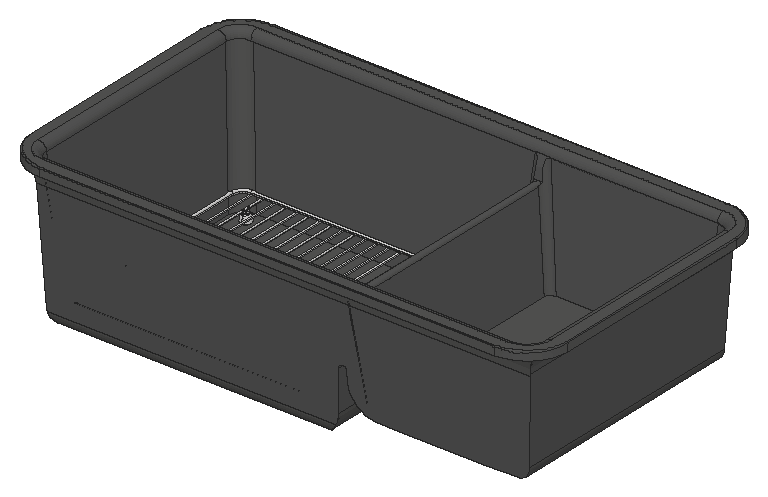
Revit family "Sink-Kitchen-KOHLER-Cairn-K-8204", category Plumbing Fixtures, host Face, Revit 2015
Parameters (values of type "CM1-Neoroc Matte Black")
  Width = 18 5/16"  # constant formula
  Waste Water Outlet 2 = "Waste Water Outlet 2"  # constant formula
  Waste Water Outlet 1 = "Waste Water Outlet 1"  # constant formula
  Waste Connection = 1 = 1  # yes
  Vent Connection = 0 = 1  # no
  URL = "https://www.us.kohler.com/us/"
  Type = 1
  Product Page URL = "http://www.us.kohler.com/us/catalog/productDetails.jsp?productNumber=8204"
  Product Name = "Cairn"  # constant formula
  Product Documentation Link = "http://www.us.kohler.com/onlinecatalog/pdf/K-8204_spec.pdf"
  Model = if(Type = 1, "K-8204-CM1", if(Type = 2, "K-8204-CM2", if(Type = 3, "K-8204-CM3", if(Type = 4, "K-8204-CM4", "NA"))))  # "K-8204-CM1"
  Material = "Neoroc Material"  # constant formula
  MasterFormat 2004 = "22.41.16"  # constant formula
  MasterFormat 1995 = "15410"  # constant formula
  Manufacturer Address = "444 Highland Dr, Kohler, WI 53044"  # constant formula
  Manufacturer = "KOHLER Co."  # constant formula
  Length = 33 1/2"  # constant formula
  Hot Water Inlet = "Hot Water Inlet"  # constant formula
  Height = 10 1/8"  # constant formula
  HW Connection = 0 = 1  # no
  Finish = Kohler-Neoroc-CM1-Matte_Black
  Environmental Product Declaration = ""
  Drain Included = 0 = 1  # no
  Description = "33-1/2 inch x 18-5/16 inch x 9-1/2 inch Neoroc under-mount large/medium double-bowl kitchen sink with sink rack"  # constant formula
  Default Elevation = 36"
  Declare Label = ""
  Date Modified = "04/25/2018"  # constant formula
  Date Created = "04/25/2018"  # constant formula
  Copyright = "Copyright KOHLER Co."  # constant formula
  Contact Us = "https://www.us.kohler.com/us/static/contact.jsp"
  Cold Water Inlet = "Cold Water Inlet"  # constant formula
  CW Connection = 0 = 1  # no
  Assembly Code = "D2010400"
  ADA Compliant = 1 = 0  # no
Reference planes (in)
  plane 1 "Center (Front/Back)": y = 0
  plane 2: z = 0
  plane 3 "Center (Left/Right)": x = 0
  plane 4: y = 9.15
  plane 5: y = -9.1625
  plane 6: x = 16.75
  plane 7: x = -16.75
  plane 8: z = -1.01111
  plane 9: z = -11.13611
  plane 10: z = -13.64717
Forms (in)
  Extrusion 1, void
    sketch origin (0, 0, 0) x (1, 0, 0) y (0, 1, 0)
      loop
        arc (-14.19488, 9.15) -> (-16.00162, 8.40162) -> (-16.75, 6.59488) r 2.55512
        line (-16.75, 6.59488) -> (-16.75, -6.60781)
        arc (-16.75, -6.60781) -> (-16.00175, -8.41425) -> (-14.19531, -9.1625) r 2.55469
        line (-14.19531, -9.1625) -> (14.19531, -9.1625)
        arc (14.19531, -9.1625) -> (16.00175, -8.41425) -> (16.75, -6.60781) r 2.55469
        line (16.75, -6.60781) -> (16.75, 6.59531)
        arc (16.75, 6.59531) -> (16.00175, 8.40175) -> (14.19531, 9.15) r 2.55469
        line (14.19531, 9.15) -> (-14.19488, 9.15)
    from -13.64721 to -1.51111
  Extrusion 2, void
    sketch origin (0, 0, 0) x (1, 0, 0) y (0, 1, 0)
      loop
        arc (-14.64467, 8.41628) -> (-15.62183, 8.01153) -> (-16.02659, 7.03437) r 1.38192
        line (-16.02659, 7.03437) -> (-16.02659, -6.99754)
        arc (-16.02659, -6.99754) -> (-15.61109, -8.00064) -> (-14.60798, -8.41614) r 1.41861
        line (-14.60798, -8.41614) -> (14.48196, -8.41614)
        arc (14.48196, -8.41614) -> (15.54122, -7.97739) -> (15.97997, -6.91813) r 1.49801
        line (15.97997, -6.91813) -> (15.97997, 6.91818)
        arc (15.97997, 6.91818) -> (15.54119, 7.9775) -> (14.48187, 8.41628) r 1.4981
        line (14.48187, 8.41628) -> (-14.64467, 8.41628)
    from -1.51111 to 1.35925
Dimensions and locks (in)
  "Length": plane 7 to plane 6
  "Width": plane 4 to plane 5
  "Height": plane 8 to plane 9
  locked: level to plane 8 at 1.01111
  aligned and locked: plane 2 to host face
  aligned and locked: level to host face
  aligned and locked: nested 1 to plane 8
Automatic sketch dimensions
  host sketch curve to host sketch curve = 96"  (x2)
  Extrusion 1 sketch curve to plane 7 = 0"
  Extrusion 1 sketch curve to plane 5 = 0"
  Extrusion 1 sketch curve to plane 4 = 0"
  Extrusion 1 sketch curve to plane 6 = 0"
  Extrusion 1 sketch curve to Extrusion 1 sketch curve = 2 71/128"
  Extrusion 1 sketch curve to Extrusion 1 sketch curve = 2.55512"
  Extrusion 1 sketch curve to plane 6 = 2 71/128"  (x2)
  Extrusion 2 sketch curve to plane 6 = 2.26804"
  Extrusion 2 sketch curve to plane 6 = 0.77003"
  Extrusion 2 sketch curve to plane 4 = 2.23182"
  Extrusion 2 sketch curve to plane 4 = 0.73372"
  Extrusion 2 sketch curve to plane 7 = 2.14202"
  Extrusion 2 sketch curve to plane 7 = 2.10533"
  Extrusion 2 sketch curve to plane 7 = 0.72341"
  plane 5 to Extrusion 2 sketch curve = 2.24437"
Nested families (in)
  nested 1: "K-8204" at (0, 0, -1.01111), type "K-8204"
Connectors (in)
  piping at (-2.4143, 0, -13.64717), diameter 1.5, driven by "Waste Connection", driven by "Waste Water Outlet 1"
    settings: on nested 1, index 1, connector inside diameter 24", connector length 0", flow factor 0, pipe flow 0 GPM, pressure drop 0.00 psi, fitting loss kfactor 0, connector angle 0.00°, fixture units 0, engagement length 0", angle of deflection 0.00°, flow configuration 0, flow direction 2, fitting loss method 0, system type 16, joint type 0, gender type 0, connector reference index -1, connector utility 1, adjustable connector no, is connector primary yes, connector description "Waste Water Outlet 1"
  piping at (9.52501, 0, -11.66302), diameter 1.5, driven by "Waste Connection", driven by "Waste Water Outlet 2"
    settings: on nested 1, index 2, connector inside diameter 24", connector length 0", flow factor 0, pipe flow 0 GPM, pressure drop 0.00 psi, fitting loss kfactor 0, connector angle 0.00°, fixture units 0, engagement length 0", angle of deflection 0.00°, flow configuration 0, flow direction 2, fitting loss method 0, system type 16, joint type 0, gender type 0, connector reference index -1, connector utility 1, adjustable connector no, is connector primary no, connector description "Waste Water Outlet 2"
Definition of nested family "K-8204"
  Parameters (values of type "K-8204")
    Material = none
  Reference planes (in)
    plane 1 "Center (Front/Back)": y = 0
    plane 2: z = 0
    plane 3 "Center (Left/Right)": x = 0
  Forms (in)
    Extrusion 1, solid, material <- "Material"
      sketch origin (0, 0, 0) x (1, 0, 0) y (0, 0, 1)
        loop
          line (-15.45272, -1.68843) -> (-15.07328, -8.92864)
          arc (-15.07328, -8.92864) -> (-14.82316, -9.48365) -> (-14.26372, -9.72368) r 0.83947
          line (-14.26372, -9.72368) -> (-5.39497, -10.02767) -> (0.41932, -10.02767) -> (1.47126, -10.00188)
          arc (1.47126, -10.00188) -> (2.63677, -9.50114) -> (3.15778, -8.34454) r 1.75
          line (3.15778, -8.34454) -> (3.29794, -5.67011)
          arc (3.29794, -5.67011) -> (3.54782, -5.43299) -> (3.79769, -5.67011) r 0.25022
          line (3.79769, -5.67011) -> (3.83274, -6.33878)
          arc (3.83274, -6.33878) -> (4.35011, -7.48872) -> (5.50798, -7.98809) r 1.74164
          line (5.50798, -7.98809) -> (6.67381, -8.03096) -> (12.41159, -8.03096) -> (14.35437, -7.96447)
          arc (14.35437, -7.96447) -> (14.91314, -7.72475) -> (15.16296, -7.17042) r 0.83842
          line (15.16296, -7.17042) -> (15.45061, -1.68177)
          arc (15.45061, -1.68177) -> (15.58519, -1.05415) -> (15.90911, -0.5) r 2.02866
          line (15.90911, -0.5) -> (-15.92386, -0.5)
          arc (-15.92386, -0.5) -> (-15.59085, -1.05558) -> (-15.45272, -1.68843) r 2.00139
      from -8.56175 to 8.66288
    Extrusion 2, void
      sketch origin (0, 0, 0) x (0, 1, 0) y (0, 0, 1)
        loop
          line (7.46619, -9.06391) -> (7.84619, -1.81308)
          arc (7.84619, -1.81308) -> (7.96537, -1.17197) -> (8.24705, -0.58384) r 2.48782
          arc (8.24705, -0.58384) -> (8.31046, -0.52413) -> (8.39414, -0.5) r 0.18524
          line (8.39414, -0.5) -> (-8.39419, -0.5)
          arc (-8.39419, -0.5) -> (-8.31014, -0.52629) -> (-8.24644, -0.58712) r 0.19347
          arc (-8.24644, -0.58712) -> (-7.96517, -1.17361) -> (-7.84619, -1.81308) r 2.47835
          line (-7.84619, -1.81308) -> (-7.46576, -9.07206)
          arc (-7.46576, -9.07206) -> (-7.243, -9.59737) -> (-6.73487, -9.85694) r 0.83494
          line (-6.73487, -9.85694) -> (-2.95242, -10.02767) -> (2.8677, -10.02767) -> (6.6588, -9.86391)
          arc (6.6588, -9.86391) -> (7.2171, -9.61994) -> (7.46619, -9.06391) r 0.84501
        loop
          line (9.64821, 0.44912) -> (-9.85179, 0.44912) -> (-9.85179, -11.30088) -> (9.64821, -11.30088) -> (9.64821, 0.44912)
      from 17.43099 to -16.53645
    Blend 3, void
      base sketch origin (0, 0, 0) x (1, 0, 0) y (0, 1, 0)
        loop
          arc (13.94104, -7.20422) -> (14.63825, -6.91542) -> (14.92704, -6.21821) r 0.986
          line (14.92704, -6.21821) -> (14.92704, 6.21857)
          arc (14.92704, 6.21857) -> (14.63807, 6.91622) -> (13.94042, 7.20519) r 0.98662
          line (13.94042, 7.20519) -> (4.92592, 7.20519)
          arc (4.92592, 7.20519) -> (4.63211, 7.08349) -> (4.51041, 6.78968) r 0.41551
          line (4.51041, 6.78968) -> (4.51041, -6.79584)
          arc (4.51041, -6.79584) -> (4.63002, -7.08461) -> (4.91878, -7.20422) r 0.40837
          line (4.91878, -7.20422) -> (13.94104, -7.20422)
      top sketch origin (0, 0, 0) x (1, 0, 0) y (0, 1, 0)
        loop
          arc (14.57153, -8.03403) -> (15.27864, -7.74114) -> (15.57153, -7.03403) r 1
          line (15.57153, -7.03403) -> (15.57153, 7.03403)
          arc (15.57153, 7.03403) -> (15.27864, 7.74114) -> (14.57153, 8.03403) r 1
          line (14.57153, 8.03403) -> (3.8881, 8.03403)
          arc (3.8881, 8.03403) -> (3.54373, 7.89139) -> (3.40109, 7.54702) r 0.48701
          line (3.40109, 7.54702) -> (3.40109, -7.53403)
          arc (3.40109, -7.53403) -> (3.54753, -7.88758) -> (3.90109, -8.03403) r 0.5
          line (3.90109, -8.03403) -> (14.57153, -8.03403)
      from -7.60638 to 0.67671
    Blend 4, void
      base sketch origin (0, 0, 0) x (1, 0, 0) y (0, 1, 0)
        loop
          line (-13.59783, -6.98086) -> (2.26235, -6.98086)
          arc (2.26235, -6.98086) -> (2.55913, -6.85793) -> (2.68206, -6.56116) r 0.41971
          line (2.68206, -6.56116) -> (2.68206, 6.56647)
          arc (2.68206, 6.56647) -> (2.56212, 6.85604) -> (2.27255, 6.97598) r 0.40951
          line (2.27255, 6.97598) -> (-13.61301, 6.97598)
          arc (-13.61301, 6.97598) -> (-14.29971, 6.69154) -> (-14.58415, 6.00484) r 0.97114
          line (-14.58415, 6.00484) -> (-14.58415, -5.99454)
          arc (-14.58415, -5.99454) -> (-14.29526, -6.69198) -> (-13.59783, -6.98086) r 0.98632
      top sketch origin (0, 0, 0) x (1, 0, 0) y (0, 1, 0)
        loop
          line (3.61843, -7.75474) -> (3.61843, 7.73851)
          arc (3.61843, 7.73851) -> (3.49997, 8.0245) -> (3.21398, 8.14296) r 0.40445
          line (3.21398, 8.14296) -> (-14.76634, 8.14296)
          arc (-14.76634, 8.14296) -> (-15.44618, 7.86136) -> (-15.72778, 7.18152) r 0.96144
          line (-15.72778, 7.18152) -> (-15.72778, -7.19028)
          arc (-15.72778, -7.19028) -> (-15.43489, -7.89739) -> (-14.72778, -8.19028) r 1
          line (-14.72778, -8.19028) -> (3.18289, -8.19028)
          arc (3.18289, -8.19028) -> (3.49086, -8.06271) -> (3.61843, -7.75474) r 0.43554
      from -9.42341 to 1.40498
    Extrusion 5, void
      sketch origin (0, 0, 0) x (0, 1, 0) y (0, 0, 1)
        loop
          line (7.91628, -0.5) -> (-7.91614, -0.5)
          arc (-7.91614, -0.5) -> (-7.70183, -1.1366) -> (-7.59653, -1.8) r 4.01884
          arc (-7.59653, -1.8) -> (-7.44712, -1.93297) -> (-7.25296, -1.98099) r 0.4166
          line (-7.25296, -1.98099) -> (7.26183, -1.98099)
          arc (7.26183, -1.98099) -> (7.45208, -1.93284) -> (7.59653, -1.8) r 0.39997
          arc (7.59653, -1.8) -> (7.69223, -1.13421) -> (7.91628, -0.5) r 3.42283
      from 2.44646 to 5.09885
    Extrusion 6, solid, material <- "Material"
      sketch origin (0, 0, 0) x (1, 0, 0) y (0, 0, 1)
        loop
          line (3.32599, -1.98096) -> (3.75778, -1.98096)
          arc (3.75778, -1.98096) -> (3.54189, -1.81221) -> (3.32599, -1.98096) r 0.22248
      from -7.72187 to 7.68196
    Sweep 7, solid, material <- "Material"
      path origin (0, 0, 0) x (1, 0, 0) y (0, 1, 0)
        loop
          arc (-14.64467, 7.91628) -> (-15.26828, 7.65798) -> (-15.52659, 7.03437) r 0.88192
          line (-15.52659, 7.03437) -> (-15.52659, -6.99754)
          arc (-15.52659, -6.99754) -> (-15.25753, -7.64709) -> (-14.60798, -7.91614) r 0.91861
          line (-14.60798, -7.91614) -> (14.48196, -7.91614)
          arc (14.48196, -7.91614) -> (15.18766, -7.62383) -> (15.47997, -6.91813) r 0.99801
          line (15.47997, -6.91813) -> (15.47997, 6.91818)
          arc (15.47997, 6.91818) -> (15.18764, 7.62395) -> (14.48187, 7.91628) r 0.9981
          line (14.48187, 7.91628) -> (-14.64467, 7.91628)
      profile origin (-0.0814, 7.91628, 0) x (0, 1, 0) y (0, 0, 1)
        loop
          line (0.5, -0.5) -> (0.5, 0)
          arc (0.5, 0) -> (0.14645, -0.14645) -> (0, -0.5) r 0.5
          line (0, -0.5) -> (0.5, -0.5)
    Sweep 8, solid, material <- "Material"
      path origin (0, 0, 0) x (1, 0, 0) y (0, 1, 0)
        loop
          line (14.19815, 9.05128) -> (-14.19802, 9.05128)
          arc (-14.19802, 9.05128) -> (-15.93273, 8.33273) -> (-16.65128, 6.59802) r 2.45325
          line (-16.65128, 6.59802) -> (-16.65128, -6.59815)
          arc (-16.65128, -6.59815) -> (-15.93277, -8.33277) -> (-14.19815, -9.05128) r 2.45312
          line (-14.19815, -9.05128) -> (14.19815, -9.05128)
          arc (14.19815, -9.05128) -> (15.93277, -8.33277) -> (16.65128, -6.59815) r 2.45312
          line (16.65128, -6.59815) -> (16.65128, 6.59815)
          arc (16.65128, 6.59815) -> (15.93277, 8.33277) -> (14.19815, 9.05128) r 2.45312
      profile origin (0.00006, 9.05128, 0) x (0, -1, 0) y (0, 0, 1)
        loop
          arc (0, 0) -> (-0.04049, -0.01548) -> (-0.05973, -0.05432) r 0.05951
          line (-0.05973, -0.05432) -> (-0.09872, -0.5) -> (0, -0.5) -> (0, 0)
    Extrusion 9, solid, material <- "Material"
      sketch origin (0, 0, 0) x (1, 0, 0) y (0, 1, 0)
        loop
          arc (-14.19802, 9.05128) -> (-15.93273, 8.33273) -> (-16.65128, 6.59802) r 2.45325
          line (-16.65128, 6.59802) -> (-16.65128, -6.59815)
          arc (-16.65128, -6.59815) -> (-15.93277, -8.33277) -> (-14.19815, -9.05128) r 2.45313
          line (-14.19815, -9.05128) -> (14.19815, -9.05128)
          arc (14.19815, -9.05128) -> (15.93277, -8.33277) -> (16.65128, -6.59815) r 2.45313
          line (16.65128, -6.59815) -> (16.65128, 6.59815)
          arc (16.65128, 6.59815) -> (15.93277, 8.33277) -> (14.19815, 9.05128) r 2.45312
          line (14.19815, 9.05128) -> (-14.19802, 9.05128)
        loop
          line (14.48187, 8.41628) -> (-14.64467, 8.41628)
          arc (-14.64467, 8.41628) -> (-15.62183, 8.01153) -> (-16.02659, 7.03437) r 1.38192
          line (-16.02659, 7.03437) -> (-16.02659, -6.99754)
          arc (-16.02659, -6.99754) -> (-15.61109, -8.00064) -> (-14.60798, -8.41614) r 1.41861
          line (-14.60798, -8.41614) -> (14.48196, -8.41614)
          arc (14.48196, -8.41614) -> (15.54122, -7.97739) -> (15.97997, -6.91813) r 1.49801
          line (15.97997, -6.91813) -> (15.97997, 6.91818)
          arc (15.97997, 6.91818) -> (15.54119, 7.9775) -> (14.48187, 8.41628) r 1.4981
      from -0.5 to 0
    Sweep 10, solid, detail levels medium+fine
      path origin (0, 0, 0) x (1, 0, 0) y (0, 1, 0)
        loop
          arc (-13.76433, 6.82034) -> (-14.22824, 6.62818) -> (-14.4204, 6.16427) r 0.65608
          line (-14.4204, 6.16427) -> (-14.4204, -6.16474)
          arc (-14.4204, -6.16474) -> (-14.22838, -6.62831) -> (-13.76481, -6.82033) r 0.6556
          line (-13.76481, -6.82033) -> (1.8111, -6.82033)
          arc (1.8111, -6.82033) -> (2.27523, -6.62808) -> (2.46748, -6.16395) r 0.65638
          line (2.46748, -6.16395) -> (2.46748, 6.16609)
          arc (2.46748, 6.16609) -> (2.27585, 6.62871) -> (1.81322, 6.82034) r 0.65425
          line (1.81322, 6.82034) -> (-13.76433, 6.82034)
      profile origin (-5.97555, 6.82034, 0) x (0, 1, 0) y (0, 0, 1)
        loop
          circle (0.09468, -8.26177) r 0.09286
    Extrusion 11, solid, detail levels medium+fine
      sketch origin (0, 0, 0) x (0, 1, 0) y (0, 0, 1)
        loop
          circle (2.12522, -8.55464) r 0.09231
        loop
          circle (-2.12478, -8.55545) r 0.09231
      from -14.52201 to 2.55945
    Extrusion 12, solid, detail levels medium+fine
      sketch origin (0, 0, 0) x (1, 0, 0) y (0, 0, 1)
        loop
          circle (1.87587, -8.40878) r 0.05256
        loop
          circle (1.16157, -8.40878) r 0.05256
        loop
          circle (0.44602, -8.40878) r 0.05256
        loop
          circle (-0.26886, -8.40878) r 0.05256
        loop
          circle (-0.9835, -8.40878) r 0.05256
        loop
          circle (-1.69888, -8.40878) r 0.05256
        loop
          circle (-2.41352, -8.40878) r 0.05256
        loop
          circle (-3.12913, -8.40878) r 0.05256
        loop
          circle (-3.84378, -8.40878) r 0.05256
        loop
          circle (-4.5589, -8.40878) r 0.05256
        loop
          circle (-5.27355, -8.40878) r 0.05256
        loop
          circle (-5.98916, -8.40878) r 0.05256
        loop
          circle (-6.70357, -8.40878) r 0.05256
        loop
          circle (-7.41848, -8.40878) r 0.05256
        loop
          circle (-8.13454, -8.40878) r 0.05256
        loop
          circle (-8.84903, -8.40878) r 0.05256
        loop
          circle (-9.5645, -8.40878) r 0.05256
        loop
          circle (-10.27801, -8.40878) r 0.05256
        loop
          circle (-10.99386, -8.40878) r 0.05256
        loop
          circle (-11.70933, -8.40878) r 0.05256
        loop
          circle (-12.42382, -8.40878) r 0.05256
        loop
          circle (-13.13959, -8.40878) r 0.05256
        loop
          circle (-13.8543, -8.40878) r 0.05256
      from -6.91412 to 6.91412
    Revolve 13, solid, detail levels medium+fine
      sketch origin (1.1616, 0, 0) x (0, 1, 0) y (0, 0, 1)
        loop
          arc (-5.82794, -8.81231) -> (-5.84354, -8.81671) -> (-5.85453, -8.82861) r 0.02984
          arc (-5.85453, -8.82861) -> (-5.92724, -9.02745) -> (-5.95044, -9.2379) r 0.8815
          arc (-5.95044, -9.2379) -> (-5.94569, -9.25695) -> (-5.93284, -9.2718) r 0.0423
          arc (-5.93284, -9.2718) -> (-5.78333, -9.34702) -> (-5.61787, -9.37231) r 0.53437
          line (-5.61787, -9.37231) -> (-5.61787, -8.81231) -> (-5.82794, -8.81231)
        axis (-5.61787, -8.81231) -> (-5.61787, -9.37231)
      angle from 0 to 360
    Revolve 14, solid, detail levels medium+fine
      sketch origin (1.1616, 11.23437, 0) x (0, 1, 0) y (0, 0, 1)
        loop
          arc (-5.82794, -8.81231) -> (-5.84354, -8.81671) -> (-5.85453, -8.82861) r 0.02984
          arc (-5.85453, -8.82861) -> (-5.92724, -9.02745) -> (-5.95044, -9.2379) r 0.8815
          arc (-5.95044, -9.2379) -> (-5.94569, -9.25695) -> (-5.93284, -9.2718) r 0.0423
          arc (-5.93284, -9.2718) -> (-5.78333, -9.34702) -> (-5.61787, -9.37231) r 0.53437
          line (-5.61787, -9.37231) -> (-5.61787, -8.81231) -> (-5.82794, -8.81231)
        axis (-5.61787, -8.81231) -> (-5.61787, -9.37231)
      angle from 0 to 360
    Revolve 15, solid, detail levels medium+fine
      sketch origin (-13.13527, 11.24219, 0) x (0, 1, 0) y (0, 0, 1)
        loop
          arc (-5.82794, -8.62705) -> (-5.84354, -8.63145) -> (-5.85453, -8.64335) r 0.02984
          arc (-5.85453, -8.64335) -> (-5.92724, -8.84219) -> (-5.95044, -9.05264) r 0.8815
          arc (-5.95044, -9.05264) -> (-5.94569, -9.07169) -> (-5.93284, -9.08653) r 0.0423
          arc (-5.93284, -9.08653) -> (-5.78333, -9.16176) -> (-5.61787, -9.18705) r 0.53437
          line (-5.61787, -9.18705) -> (-5.61787, -8.62705) -> (-5.82794, -8.62705)
        axis (-5.61787, -8.62705) -> (-5.61787, -9.18705)
      angle from 0 to 360
    Revolve 16, solid, detail levels medium+fine
      sketch origin (-13.13918, 0, 0) x (0, 1, 0) y (0, 0, 1)
        loop
          arc (-5.82794, -8.62705) -> (-5.84354, -8.63145) -> (-5.85453, -8.64335) r 0.02984
          arc (-5.85453, -8.64335) -> (-5.92724, -8.84219) -> (-5.95044, -9.05264) r 0.8815
          arc (-5.95044, -9.05264) -> (-5.94569, -9.07169) -> (-5.93284, -9.08653) r 0.0423
          arc (-5.93284, -9.08653) -> (-5.78333, -9.16176) -> (-5.61787, -9.18705) r 0.53437
          line (-5.61787, -9.18705) -> (-5.61787, -8.62705) -> (-5.82794, -8.62705)
        axis (-5.61787, -8.62705) -> (-5.61787, -9.18705)
      angle from 0 to 360
    Sweep 17, solid, detail levels medium+fine
      path origin (1.16131, 0.00019, -0.03516) x (0, 1, 0) y (0, 0, 1)
        loop
          arc (-5.86877, -8.37258) -> (-5.78846, -8.40585) -> (-5.7552, -8.48615) r 0.11357
          line (-5.7552, -8.48615) -> (-5.7552, -8.90392)
          arc (-5.7552, -8.90392) -> (-5.61777, -9.04135) -> (-5.48033, -8.90392) r 0.13743
          line (-5.48033, -8.90392) -> (-5.48033, -8.4828)
          arc (-5.48033, -8.4828) -> (-5.44805, -8.40487) -> (-5.37011, -8.37258) r 0.11022
      profile origin (1.16131, -5.75501, -8.73019) x (1, 0, 0) y (0, 1, 0)
        loop
          circle (0, 0) r 0.05186
    Sweep 18, solid, detail levels medium+fine
      path origin (-13.13974, 0.00019, -0.03516) x (0, 1, 0) y (0, 0, 1)
        loop
          arc (-5.86877, -8.37258) -> (-5.78846, -8.40585) -> (-5.7552, -8.48615) r 0.11357
          line (-5.7552, -8.48615) -> (-5.7552, -8.90392)
          arc (-5.7552, -8.90392) -> (-5.61777, -9.04135) -> (-5.48033, -8.90392) r 0.13743
          line (-5.48033, -8.90392) -> (-5.48033, -8.4828)
          arc (-5.48033, -8.4828) -> (-5.44805, -8.40487) -> (-5.37011, -8.37258) r 0.11022
      profile origin (-13.13974, -5.75501, -8.73019) x (1, 0, 0) y (0, 1, 0)
        loop
          circle (0, 0) r 0.05186
    Sweep 19, solid, detail levels medium+fine
      path origin (-13.13925, 11.23552, -0.03516) x (0, 1, 0) y (0, 0, 1)
        loop
          arc (-5.86877, -8.37258) -> (-5.78846, -8.40585) -> (-5.7552, -8.48615) r 0.11357
          line (-5.7552, -8.48615) -> (-5.7552, -8.90392)
          arc (-5.7552, -8.90392) -> (-5.61777, -9.04135) -> (-5.48033, -8.90392) r 0.13743
          line (-5.48033, -8.90392) -> (-5.48033, -8.4828)
          arc (-5.48033, -8.4828) -> (-5.44805, -8.40487) -> (-5.37011, -8.37258) r 0.11022
      profile origin (-13.13925, 5.48032, -8.73019) x (1, 0, 0) y (0, 1, 0)
        loop
          circle (0, 0) r 0.05186
    Sweep 20, solid, detail levels medium+fine
      path origin (1.16125, 11.23552, -0.03516) x (0, 1, 0) y (0, 0, 1)
        loop
          arc (-5.86877, -8.37258) -> (-5.78846, -8.40585) -> (-5.7552, -8.48615) r 0.11357
          line (-5.7552, -8.48615) -> (-5.7552, -8.90392)
          arc (-5.7552, -8.90392) -> (-5.61777, -9.04135) -> (-5.48033, -8.90392) r 0.13743
          line (-5.48033, -8.90392) -> (-5.48033, -8.4828)
          arc (-5.48033, -8.4828) -> (-5.44805, -8.40487) -> (-5.37011, -8.37258) r 0.11022
      profile origin (1.16125, 5.48032, -8.73019) x (1, 0, 0) y (0, 1, 0)
        loop
          circle (0, 0) r 0.05186
    Sweep 21, solid, detail levels medium+fine
      path origin (0, 0, 0) x (1, 0, 0) y (0, 1, 0)
        loop
          circle (-2.4098, 0.00201) r 2
      profile origin (-2.4098, 2.00201, 0) x (0, -1, 0) y (0, 0, 1)
        loop
          circle (-0.09185, -8.2618) r 0.09271
    Extrusion 22, void
      sketch origin (0, 0, 0) x (1, 0, 0) y (0, 1, 0)
        loop
          circle (-2.41225, 0.00576) r 2
      from -8.89683 to -7.73683
    Revolve 23, solid, material <- "Material"
      sketch origin (-2.4143, 0, 0.01583) x (0, 1, 0) y (0, 0, 1)
        loop
          line (0, -10.02767) -> (0, -12.65183) -> (0.87163, -12.65183)
          arc (0.87163, -12.65183) -> (0.90217, -12.64365) -> (0.92452, -12.62129) r 0.06108
          line (0.92452, -12.62129) -> (1.07, -12.36931) -> (1.07, -12.05783) -> (0.87031, -12.05783) -> (0.93565, -12.01951) -> (0.93565, -11.67334)
          arc (0.93565, -11.67334) -> (1.00379, -11.45685) -> (1.18365, -11.31843) r 0.37796
          line (1.18365, -11.31843) -> (1.56108, -11.18021)
          arc (1.56108, -11.18021) -> (1.61845, -11.13621) -> (1.64051, -11.06735) r 0.12106
          line (1.64051, -11.06735) -> (1.5326, -11.06735)
          arc (1.5326, -11.06735) -> (1.57803, -11.00408) -> (1.59408, -10.92786) r 0.18898
          line (1.59408, -10.92786) -> (1.59408, -10.14) -> (2.44895, -10.14)
          arc (2.44895, -10.14) -> (2.71744, -10.06224) -> (2.99481, -10.02767) r 1.77194
          line (2.99481, -10.02767) -> (0, -10.02767)
        axis (0, -10.02767) -> (0, -12.65183)
      angle from 0 to 360
    Revolve 24, solid, material <- "Material"
      sketch origin (9.52501, 0, 1.99999) x (0, 1, 0) y (0, 0, 1)
        loop
          arc (2.44895, -10.14) -> (2.73004, -10.06123) -> (3.01735, -10.00951) r 3.07052
          line (3.01735, -10.00951) -> (1.54972, -10.00951) -> (1.54972, -10.48962) -> (0, -10.48962) -> (0, -12.65183) -> (0.87163, -12.65183)
          arc (0.87163, -12.65183) -> (0.90217, -12.64365) -> (0.92452, -12.62129) r 0.06108
          line (0.92452, -12.62129) -> (1.07, -12.36931) -> (1.07, -12.05783) -> (0.87031, -12.05783) -> (0.93565, -12.01951) -> (0.93565, -11.67334)
          arc (0.93565, -11.67334) -> (1.00379, -11.45685) -> (1.18365, -11.31843) r 0.37796
          line (1.18365, -11.31843) -> (1.56108, -11.18021)
          arc (1.56108, -11.18021) -> (1.61845, -11.13621) -> (1.64051, -11.06735) r 0.12106
          line (1.64051, -11.06735) -> (1.5326, -11.06735)
          arc (1.5326, -11.06735) -> (1.57803, -11.00408) -> (1.59408, -10.92786) r 0.18898
          line (1.59408, -10.92786) -> (1.59408, -10.14) -> (2.44895, -10.14)
        axis (0, -10.00951) -> (0, -12.65183)
      angle from 0 to 360
    Revolve 25, void
      sketch origin (0, 0, 0.34334) x (1, 0, 0) y (0, 0, 1)
        loop
          line (-2.414, -11.06715) -> (-2.414, -9.76683) -> (-4.18794, -9.76683)
          arc (-4.18794, -9.76683) -> (-4.04444, -9.83767) -> (-3.98646, -9.98683) r 0.22085
          line (-3.98646, -9.98683) -> (-3.98646, -10.93871)
          arc (-3.98646, -10.93871) -> (-3.9686, -11.01122) -> (-3.91911, -11.06715) r 0.15615
          line (-3.91911, -11.06715) -> (-2.414, -11.06715)
        axis (-2.414, -9.76683) -> (-2.414, -11.06715)
      angle from 0 to 360
    Revolve 26, solid
      sketch origin (0, 0, 0.34334) x (1, 0, 0) y (0, 0, 1)
        loop
          line (-2.67827, -9.73683) -> (-2.559, -9.73683) -> (-2.559, -10.39183) -> (-2.65548, -10.39183)
          arc (-2.65548, -10.39183) -> (-2.68344, -10.40341) -> (-2.69501, -10.43136) r 0.03953
          line (-2.69501, -10.43136) -> (-2.69501, -10.58183) -> (-3.81258, -10.58183)
          arc (-3.81258, -10.58183) -> (-3.87645, -10.55635) -> (-3.90524, -10.49389) r 0.09279
          line (-3.90524, -10.49389) -> (-3.93728, -9.88259)
          arc (-3.93728, -9.88259) -> (-3.985, -9.77907) -> (-4.09087, -9.73683) r 0.15381
          line (-4.09087, -9.73683) -> (-4.17354, -9.73683) -> (-4.1655, -9.76683) -> (-4.09247, -9.76683)
          arc (-4.09247, -9.76683) -> (-4.00617, -9.80126) -> (-3.96727, -9.88564) r 0.12538
          line (-3.96727, -9.88564) -> (-3.93537, -10.49422)
          arc (-3.93537, -10.49422) -> (-3.89687, -10.57775) -> (-3.81144, -10.61183) r 0.1241
          line (-3.81144, -10.61183) -> (-2.414, -10.61183) -> (-2.414, -9.59021)
          arc (-2.414, -9.59021) -> (-2.55385, -9.60388) -> (-2.68995, -9.63887) r 0.91269
          arc (-2.68995, -9.63887) -> (-2.72375, -9.69257) -> (-2.67827, -9.73683) r 0.05044
        axis (-2.414, -9.59021) -> (-2.414, -10.61183)
      angle from 0 to 360
    Revolve 27, solid
      sketch origin (11.94069, 0, 2.16045) x (1, 0, 0) y (0, 0, 1)
        loop
          line (-2.67827, -9.73683) -> (-2.559, -9.73683) -> (-2.559, -10.39183) -> (-2.65548, -10.39183)
          arc (-2.65548, -10.39183) -> (-2.68344, -10.40341) -> (-2.69501, -10.43136) r 0.03953
          line (-2.69501, -10.43136) -> (-2.69501, -10.58183) -> (-3.81258, -10.58183)
          arc (-3.81258, -10.58183) -> (-3.87645, -10.55635) -> (-3.90524, -10.49389) r 0.09279
          line (-3.90524, -10.49389) -> (-3.93728, -9.88259)
          arc (-3.93728, -9.88259) -> (-3.985, -9.77907) -> (-4.09087, -9.73683) r 0.15381
          line (-4.09087, -9.73683) -> (-4.17354, -9.73683) -> (-4.1655, -9.76683) -> (-4.09247, -9.76683)
          arc (-4.09247, -9.76683) -> (-4.00617, -9.80126) -> (-3.96727, -9.88564) r 0.12538
          line (-3.96727, -9.88564) -> (-3.93537, -10.49422)
          arc (-3.93537, -10.49422) -> (-3.89687, -10.57775) -> (-3.81144, -10.61183) r 0.1241
          line (-3.81144, -10.61183) -> (-2.414, -10.61183) -> (-2.414, -9.59021)
          arc (-2.414, -9.59021) -> (-2.55385, -9.60388) -> (-2.68995, -9.63887) r 0.91269
          arc (-2.68995, -9.63887) -> (-2.72375, -9.69257) -> (-2.67827, -9.73683) r 0.05044
        axis (-2.414, -9.59021) -> (-2.414, -10.61183)
      angle from 0 to 360
    Revolve 28, void
      sketch origin (11.94002, 0, 2.16037) x (1, 0, 0) y (0, 0, 1)
        loop
          line (-2.414, -11.06715) -> (-2.414, -9.76683) -> (-4.18794, -9.76683)
          arc (-4.18794, -9.76683) -> (-4.04444, -9.83767) -> (-3.98646, -9.98683) r 0.22085
          line (-3.98646, -9.98683) -> (-3.98646, -10.93871)
          arc (-3.98646, -10.93871) -> (-3.9686, -11.01122) -> (-3.91911, -11.06715) r 0.15615
          line (-3.91911, -11.06715) -> (-2.414, -11.06715)
        axis (-2.414, -9.76683) -> (-2.414, -11.06715)
      angle from 0 to 360
    Extrusion 29, void
      sketch origin (0, 0, 0) x (1, 0, 0) y (0, 1, 0)
        loop
          circle (9.52515, 0.62565) r 0.09525
        loop
          circle (9.52515, 0.95489) r 0.09525
        loop
          circle (9.52515, 1.28137) r 0.09525
        loop
          circle (9.83743, 0.54197) r 0.09525
        loop
          circle (10.06604, 0.31337) r 0.09525
        loop
          circle (10.14971, 0.00109) r 0.09525
        loop
          circle (9.8199, 0.90821) r 0.09525
        loop
          circle (10.08579, 0.77273) r 0.09525
        loop
          circle (10.2968, 0.56172) r 0.09525
        loop
          circle (10.43228, 0.29583) r 0.09525
        loop
          circle (10.47896, 0.00109) r 0.09525
        loop
          circle (9.80989, 1.24931) r 0.09525
        loop
          circle (10.08056, 1.15462) r 0.09525
        loop
          circle (10.3232, 1.00221) r 0.09525
        loop
          circle (10.526, 0.79948) r 0.09525
        loop
          circle (10.6785, 0.5569) r 0.09525
        loop
          circle (10.77328, 0.28626) r 0.09525
        loop
          circle (10.80544, 0.00153) r 0.09525
        loop
          circle (9.21287, 0.54197) r 0.09525
        loop
          circle (8.98427, 0.31337) r 0.09525
        loop
          circle (8.9006, 0.00109) r 0.09525
        loop
          circle (9.23041, 0.90821) r 0.09525
        loop
          circle (8.96452, 0.77273) r 0.09525
        loop
          circle (8.75351, 0.56172) r 0.09525
        loop
          circle (8.61803, 0.29583) r 0.09525
        loop
          circle (8.57135, 0.00109) r 0.09525
        loop
          circle (9.24042, 1.24931) r 0.09525
        loop
          circle (8.96975, 1.15462) r 0.09525
        loop
          circle (8.72711, 1.00221) r 0.09525
        loop
          circle (8.52431, 0.79948) r 0.09525
        loop
          circle (8.37181, 0.5569) r 0.09525
        loop
          circle (8.27703, 0.28626) r 0.09525
        loop
          circle (8.24487, 0.00153) r 0.09525
        loop
          circle (9.52515, -0.62347) r 0.09525
        loop
          circle (9.52515, -0.95272) r 0.09525
        loop
          circle (9.52515, -1.2792) r 0.09525
        loop
          circle (9.83743, -0.5398) r 0.09525
        loop
          circle (10.06604, -0.31119) r 0.09525
        loop
          circle (9.8199, -0.90604) r 0.09525
        loop
          circle (10.08579, -0.77056) r 0.09525
        loop
          circle (10.2968, -0.55955) r 0.09525
        loop
          circle (10.43228, -0.29366) r 0.09525
        loop
          circle (9.80989, -1.24714) r 0.09525
        loop
          circle (10.08056, -1.15245) r 0.09525
        loop
          circle (10.3232, -1.00004) r 0.09525
        loop
          circle (10.526, -0.79731) r 0.09525
        loop
          circle (10.6785, -0.55473) r 0.09525
        loop
          circle (10.77328, -0.28408) r 0.09525
        loop
          circle (9.21287, -0.5398) r 0.09525
        loop
          circle (8.98427, -0.31119) r 0.09525
        loop
          circle (9.23041, -0.90604) r 0.09525
        loop
          circle (8.96452, -0.77056) r 0.09525
        loop
          circle (8.75351, -0.55955) r 0.09525
        loop
          circle (8.61803, -0.29366) r 0.09525
        loop
          circle (9.24042, -1.24714) r 0.09525
        loop
          circle (8.96975, -1.15245) r 0.09525
        loop
          circle (8.72711, -1.00004) r 0.09525
        loop
          circle (8.52431, -0.79731) r 0.09525
        loop
          circle (8.37181, -0.55473) r 0.09525
        loop
          circle (8.27703, -0.28408) r 0.09525
      from -8.64175 to -8.31803
    Extrusion 30, void
      sketch origin (-11.93923, -0.00001, -1.69919) x (1, 0, 0) y (0, 1, 0)
        loop
          circle (9.52515, 0.62565) r 0.09525
        loop
          circle (9.52515, 0.95489) r 0.09525
        loop
          circle (9.52515, 1.28137) r 0.09525
        loop
          circle (9.83743, 0.54197) r 0.09525
        loop
          circle (10.06604, 0.31337) r 0.09525
        loop
          circle (10.14971, 0.00109) r 0.09525
        loop
          circle (9.8199, 0.90821) r 0.09525
        loop
          circle (10.08579, 0.77273) r 0.09525
        loop
          circle (10.2968, 0.56172) r 0.09525
        loop
          circle (10.43228, 0.29583) r 0.09525
        loop
          circle (10.47896, 0.00109) r 0.09525
        loop
          circle (9.80989, 1.24931) r 0.09525
        loop
          circle (10.08056, 1.15462) r 0.09525
        loop
          circle (10.3232, 1.00221) r 0.09525
        loop
          circle (10.526, 0.79948) r 0.09525
        loop
          circle (10.6785, 0.5569) r 0.09525
        loop
          circle (10.77328, 0.28626) r 0.09525
        loop
          circle (10.80544, 0.00153) r 0.09525
        loop
          circle (9.21287, 0.54197) r 0.09525
        loop
          circle (8.98427, 0.31337) r 0.09525
        loop
          circle (8.9006, 0.00109) r 0.09525
        loop
          circle (9.23041, 0.90821) r 0.09525
        loop
          circle (8.96452, 0.77273) r 0.09525
        loop
          circle (8.75351, 0.56172) r 0.09525
        loop
          circle (8.61803, 0.29583) r 0.09525
        loop
          circle (8.57135, 0.00109) r 0.09525
        loop
          circle (9.24042, 1.24931) r 0.09525
        loop
          circle (8.96975, 1.15462) r 0.09525
        loop
          circle (8.72711, 1.00221) r 0.09525
        loop
          circle (8.52431, 0.79948) r 0.09525
        loop
          circle (8.37181, 0.5569) r 0.09525
        loop
          circle (8.27703, 0.28626) r 0.09525
        loop
          circle (8.24487, 0.00153) r 0.09525
        loop
          circle (9.52515, -0.62347) r 0.09525
        loop
          circle (9.52515, -0.95272) r 0.09525
        loop
          circle (9.52515, -1.2792) r 0.09525
        loop
          circle (9.83743, -0.5398) r 0.09525
        loop
          circle (10.06604, -0.31119) r 0.09525
        loop
          circle (9.8199, -0.90604) r 0.09525
        loop
          circle (10.08579, -0.77056) r 0.09525
        loop
          circle (10.2968, -0.55955) r 0.09525
        loop
          circle (10.43228, -0.29366) r 0.09525
        loop
          circle (9.80989, -1.24714) r 0.09525
        loop
          circle (10.08056, -1.15245) r 0.09525
        loop
          circle (10.3232, -1.00004) r 0.09525
        loop
          circle (10.526, -0.79731) r 0.09525
        loop
          circle (10.6785, -0.55473) r 0.09525
        loop
          circle (10.77328, -0.28408) r 0.09525
        loop
          circle (9.21287, -0.5398) r 0.09525
        loop
          circle (8.98427, -0.31119) r 0.09525
        loop
          circle (9.23041, -0.90604) r 0.09525
        loop
          circle (8.96452, -0.77056) r 0.09525
        loop
          circle (8.75351, -0.55955) r 0.09525
        loop
          circle (8.61803, -0.29366) r 0.09525
        loop
          circle (9.24042, -1.24714) r 0.09525
        loop
          circle (8.96975, -1.15245) r 0.09525
        loop
          circle (8.72711, -1.00004) r 0.09525
        loop
          circle (8.52431, -0.79731) r 0.09525
        loop
          circle (8.37181, -0.55473) r 0.09525
        loop
          circle (8.27703, -0.28408) r 0.09525
      from -8.69477 to -8.49901
    Extrusion 31, solid, material <- "Material"
      sketch origin (0, 0, 0) x (1, 0, 0) y (0, 1, 0)
        loop
          circle (-2.4143, 0) r 0.75
      from -12.63607 to -12.60395
    Extrusion 32, solid, material <- "Material"
      sketch origin (0, 0, 0) x (1, 0, 0) y (0, 1, 0)
        loop
          circle (9.52501, 0) r 0.75
      from -10.65191 to -10.61139
  Cuts and joins
    Extrusion 2, Blend 3, Blend 4, Extrusion 5, Revolve 25, Revolve 28 cuts Extrusion 1
    joined: Sweep 7, Sweep 8, Extrusion 9
    Extrusion 22 cuts Extrusion 12
    joined: Sweep 10, Extrusion 11, Extrusion 12, Revolve 13, Revolve 14, Revolve 15, Revolve 16, Sweep 21
    Revolve 25, Revolve 28 cuts Revolve 23
    joined: Revolve 23, Revolve 24
    Extrusion 30 cuts Revolve 26
    Extrusion 29 cuts Revolve 27
    joined: Revolve 26, Revolve 27
    joined: Sweep 17, Sweep 18, Sweep 19, Sweep 20
  Lines and regions (in)
    Masking region 1
      outline origin (0, 0, 0) x (1, 0, 0) y (0, 1, 0)
        loop
          line (-16.75, 6.59802) -> (-16.75, -6.59815)
          arc (-16.75, -6.59815) -> (-16.00258, -8.40258) -> (-14.19815, -9.15) r 2.55185
          line (-14.19815, -9.15) -> (14.19815, -9.15)
          arc (14.19815, -9.15) -> (16.00258, -8.40258) -> (16.75, -6.59815) r 2.55185
          line (16.75, -6.59815) -> (16.75, 6.59815)
          arc (16.75, 6.59815) -> (16.00258, 8.40258) -> (14.19815, 9.15) r 2.55185
          line (14.19815, 9.15) -> (-14.19802, 9.15)
          arc (-14.19802, 9.15) -> (-16.00254, 8.40254) -> (-16.75, 6.59802) r 2.55198
    Masking region 2
      outline origin (0, 0, 0) x (1, 0, 0) y (0, 0, 1)
        loop
          line (-15.45272, -1.68843) -> (-15.07328, -8.92864)
          arc (-15.07328, -8.92864) -> (-14.82316, -9.48365) -> (-14.26372, -9.72368) r 0.83947
          line (-14.26372, -9.72368) -> (-5.39497, -10.02767) -> (-5.24025, -10.02767)
          arc (-5.24025, -10.02767) -> (-5.04904, -10.06559) -> (-4.86316, -10.12428) r 1.77194
          line (-4.86316, -10.12428) -> (-4.00828, -10.12428) -> (-4.00828, -10.91214)
          arc (-4.00828, -10.91214) -> (-3.99223, -10.98836) -> (-3.9468, -11.05163) r 0.18898
          line (-3.9468, -11.05163) -> (-4.05472, -11.05163)
          arc (-4.05472, -11.05163) -> (-4.03266, -11.12049) -> (-3.97529, -11.16449) r 0.12106
          line (-3.97529, -11.16449) -> (-3.59785, -11.3027)
          arc (-3.59785, -11.3027) -> (-3.418, -11.44113) -> (-3.34986, -11.65762) r 0.37796
          line (-3.34986, -11.65762) -> (-3.34986, -12.00379) -> (-3.28451, -12.04211) -> (-3.48421, -12.04211) -> (-3.48421, -12.35359) -> (-3.33873, -12.60557)
          arc (-3.33873, -12.60557) -> (-3.31637, -12.62792) -> (-3.28583, -12.63611) r 0.06108
          line (-3.28583, -12.63611) -> (-1.54258, -12.63611)
          arc (-1.54258, -12.63611) -> (-1.51204, -12.62792) -> (-1.48968, -12.60557) r 0.06108
          line (-1.48968, -12.60557) -> (-1.34421, -12.35359) -> (-1.34421, -12.04211) -> (-1.5439, -12.04211) -> (-1.47855, -12.00379) -> (-1.47855, -11.65762)
          arc (-1.47855, -11.65762) -> (-1.41041, -11.44113) -> (-1.23056, -11.3027) r 0.37796
          line (-1.23056, -11.3027) -> (-0.85312, -11.16449)
          arc (-0.85312, -11.16449) -> (-0.79575, -11.12049) -> (-0.77369, -11.05163) r 0.12106
          line (-0.77369, -11.05163) -> (-0.88161, -11.05163)
          arc (-0.88161, -11.05163) -> (-0.83618, -10.98836) -> (-0.82013, -10.91214) r 0.18898
          line (-0.82013, -10.91214) -> (-0.82013, -10.12428) -> (0.03475, -10.12428)
          arc (0.03475, -10.12428) -> (0.21987, -10.06578) -> (0.41028, -10.02789) r 1.77194
          line (0.41028, -10.02789) -> (1.47126, -10.00188)
          arc (1.47126, -10.00188) -> (2.63677, -9.50114) -> (3.15778, -8.34454) r 1.75
          line (3.15778, -8.34454) -> (3.29794, -5.67011)
          arc (3.29794, -5.67011) -> (3.54782, -5.43299) -> (3.79769, -5.67011) r 0.25022
          line (3.79769, -5.67011) -> (3.83274, -6.33878)
          arc (3.83274, -6.33878) -> (4.35011, -7.48872) -> (5.50798, -7.98809) r 1.74164
          line (5.50798, -7.98809) -> (6.51595, -8.02516)
          arc (6.51595, -8.02516) -> (6.80075, -8.05989) -> (7.07643, -8.13911) r 1.77194
          line (7.07643, -8.13911) -> (7.9313, -8.13911) -> (7.9313, -8.92698)
          arc (7.9313, -8.92698) -> (7.94735, -9.00319) -> (7.99278, -9.06647) r 0.18898
          line (7.99278, -9.06647) -> (7.88487, -9.06647)
          arc (7.88487, -9.06647) -> (7.90693, -9.13532) -> (7.9643, -9.17932) r 0.12106
          line (7.9643, -9.17932) -> (8.34173, -9.31754)
          arc (8.34173, -9.31754) -> (8.52158, -9.45597) -> (8.58972, -9.67245) r 0.37796
          line (8.58972, -9.67245) -> (8.58972, -10.01862) -> (8.65507, -10.05694) -> (8.45538, -10.05694) -> (8.45538, -10.36843) -> (8.60086, -10.6204)
          arc (8.60086, -10.6204) -> (8.62321, -10.64276) -> (8.65375, -10.65094) r 0.06108
          line (8.65375, -10.65094) -> (10.397, -10.65094)
          arc (10.397, -10.65094) -> (10.42754, -10.64276) -> (10.4499, -10.6204) r 0.06108
          line (10.4499, -10.6204) -> (10.59538, -10.36843) -> (10.59538, -10.05694) -> (10.39568, -10.05694) -> (10.46103, -10.01862) -> (10.46103, -9.67245)
          arc (10.46103, -9.67245) -> (10.52917, -9.45597) -> (10.70902, -9.31754) r 0.37796
          line (10.70902, -9.31754) -> (11.08646, -9.17932)
          arc (11.08646, -9.17932) -> (11.14383, -9.13532) -> (11.16589, -9.06647) r 0.12106
          line (11.16589, -9.06647) -> (11.05798, -9.06647)
          arc (11.05798, -9.06647) -> (11.1034, -9.00319) -> (11.11946, -8.92698) r 0.18898
          line (11.11946, -8.92698) -> (11.11946, -8.13911) -> (11.97433, -8.13911)
          arc (11.97433, -8.13911) -> (12.23027, -8.06398) -> (12.4946, -8.02812) r 1.77194
          line (12.4946, -8.02812) -> (14.35437, -7.96447)
          arc (14.35437, -7.96447) -> (14.91314, -7.72475) -> (15.16296, -7.17042) r 0.83842
          line (15.16296, -7.17042) -> (15.45061, -1.68177)
          arc (15.45061, -1.68177) -> (15.58519, -1.05415) -> (15.90911, -0.5) r 2.02866
          line (15.90911, -0.5) -> (16.75, -0.5) -> (16.71113, -0.05576)
          arc (16.71113, -0.05576) -> (16.69155, -0.01605) -> (16.65028, 0) r 0.06108
          line (16.65028, 0) -> (-16.6523, 0)
          arc (-16.6523, 0) -> (-16.69208, -0.01547) -> (-16.71096, -0.05375) r 0.05888
          line (-16.71096, -0.05375) -> (-16.75, -0.5) -> (-15.92386, -0.5)
          arc (-15.92386, -0.5) -> (-15.59085, -1.05558) -> (-15.45272, -1.68843) r 2.00139
    Masking region 3
      outline origin (0, 0, 0) x (0, 1, 0) y (0, 0, 1)
        loop
          arc (-9.05249, 0) -> (-9.09213, -0.01541) -> (-9.11094, -0.05356) r 0.05867
          line (-9.11094, -0.05356) -> (-9.15, -0.5) -> (-8.39419, -0.5)
          arc (-8.39419, -0.5) -> (-8.31014, -0.52629) -> (-8.24644, -0.58712) r 0.19347
          arc (-8.24644, -0.58712) -> (-7.96517, -1.17361) -> (-7.84619, -1.81308) r 2.47835
          line (-7.84619, -1.81308) -> (-7.46576, -9.07206)
          arc (-7.46576, -9.07206) -> (-7.243, -9.59737) -> (-6.73487, -9.85694) r 0.83494
          line (-6.73487, -9.85694) -> (-2.95242, -10.02767) -> (-2.8271, -10.02767)
          arc (-2.8271, -10.02767) -> (-2.63572, -10.06559) -> (-2.44966, -10.12433) r 1.77194
          line (-2.44966, -10.12433) -> (-1.59479, -10.12433) -> (-1.59479, -10.91219)
          arc (-1.59479, -10.91219) -> (-1.57874, -10.98841) -> (-1.53331, -11.05168) r 0.18898
          line (-1.53331, -11.05168) -> (-1.64122, -11.05168)
          arc (-1.64122, -11.05168) -> (-1.61916, -11.12053) -> (-1.56179, -11.16453) r 0.12106
          line (-1.56179, -11.16453) -> (-1.18436, -11.30275)
          arc (-1.18436, -11.30275) -> (-1.00451, -11.44118) -> (-0.93637, -11.65767) r 0.37796
          line (-0.93637, -11.65767) -> (-0.93637, -12.00384) -> (-0.87102, -12.04216) -> (-1.07071, -12.04216) -> (-1.07071, -12.35364) -> (-0.92523, -12.60562)
          arc (-0.92523, -12.60562) -> (-0.90288, -12.62797) -> (-0.87234, -12.63616) r 0.06108
          line (-0.87234, -12.63616) -> (0.87091, -12.63616)
          arc (0.87091, -12.63616) -> (0.90145, -12.62797) -> (0.92381, -12.60562) r 0.06108
          line (0.92381, -12.60562) -> (1.06929, -12.35364) -> (1.06929, -12.04216) -> (0.86959, -12.04216) -> (0.93494, -12.00384) -> (0.93494, -11.65767)
          arc (0.93494, -11.65767) -> (1.00308, -11.44118) -> (1.18293, -11.30275) r 0.37796
          line (1.18293, -11.30275) -> (1.56037, -11.16453)
          arc (1.56037, -11.16453) -> (1.61774, -11.12053) -> (1.6398, -11.05168) r 0.12106
          line (1.6398, -11.05168) -> (1.53189, -11.05168)
          arc (1.53189, -11.05168) -> (1.57731, -10.98841) -> (1.59337, -10.91219) r 0.18898
          line (1.59337, -10.91219) -> (1.59337, -10.12433) -> (2.44824, -10.12433)
          arc (2.44824, -10.12433) -> (2.6257, -10.06782) -> (2.80812, -10.03024) r 1.77194
          line (2.80812, -10.03024) -> (6.6588, -9.86391)
          arc (6.6588, -9.86391) -> (7.2171, -9.61994) -> (7.46619, -9.06391) r 0.84501
          line (7.46619, -9.06391) -> (7.84619, -1.81308)
          arc (7.84619, -1.81308) -> (7.96537, -1.17197) -> (8.24705, -0.58384) r 2.48782
          arc (8.24705, -0.58384) -> (8.31046, -0.52413) -> (8.39414, -0.5) r 0.18524
          line (8.39414, -0.5) -> (9.15, -0.5) -> (9.11104, -0.05464)
          arc (9.11104, -0.05464) -> (9.09185, -0.01573) -> (9.05141, 0) r 0.05986
          line (9.05141, 0) -> (-9.05249, 0)
    symbolic lines, detail levels medium+fine
      curve 1: line (-14.64467, 7.91628, 0) -> (14.48187, 7.91628, 0)
      curve 2: arc (14.48187, 7.91628, 0) -> (15.18764, 7.62395, 0) -> (15.47997, 6.91818, 0) r 0.9981
      curve 3: line (15.47997, 6.91818, 0) -> (15.47997, -6.91813, 0)
      curve 4: arc (15.47997, -6.91813, 0) -> (15.18766, -7.62383, 0) -> (14.48196, -7.91614, 0) r 0.99801
      curve 5: line (14.48196, -7.91614, 0) -> (-14.60798, -7.91614, 0)
      curve 6: arc (-14.60798, -7.91614, 0) -> (-15.25753, -7.64709, 0) -> (-15.52659, -6.99754, 0) r 0.91861
      curve 7: line (-15.52659, -6.99754, 0) -> (-15.52659, 7.03437, 0)
      curve 8: arc (-15.52659, 7.03437, 0) -> (-15.26828, 7.65798, 0) -> (-14.64467, 7.91628, 0) r 0.88192
      curve 9: arc (4.92592, 7.20519, 0) -> (4.63211, 7.08349, 0) -> (4.51041, 6.78968, 0) r 0.41551
      curve 10: line (4.51041, 6.78968, 0) -> (4.51041, -6.79584, 0)
      curve 11: arc (4.51041, -6.79584, 0) -> (4.63002, -7.08461, 0) -> (4.91878, -7.20422, 0) r 0.40837
      curve 12: line (4.91878, -7.20422, 0) -> (13.94104, -7.20422, 0)
      curve 13: arc (13.94104, -7.20422, 0) -> (14.63825, -6.91542, 0) -> (14.92704, -6.21821, 0) r 0.986
      curve 14: line (14.92704, -6.21821, 0) -> (14.92704, 6.21857, 0)
      curve 15: arc (14.92704, 6.21857, 0) -> (14.63807, 6.91622, 0) -> (13.94042, 7.20519, 0) r 0.98662
      curve 16: line (13.94042, 7.20519, 0) -> (4.92592, 7.20519, 0)
      curve 17: circle (9.52501, 0, 0) r 2.44895 normal (0, 0, -1)
      curve 18: circle (9.52515, 0.62565, 0) r 0.09525 normal (0, 0, 1)
      curve 19: circle (9.52515, 0.95489, 0) r 0.09525 normal (0, 0, 1)
      curve 20: circle (9.52515, 1.28137, 0) r 0.09525 normal (0, 0, 1)
      curve 21: circle (9.83743, 0.54197, 0) r 0.09525 normal (0, 0, 1)
      curve 22: circle (10.06604, 0.31337, 0) r 0.09525 normal (0, 0, 1)
      curve 23: circle (10.14971, 0.00109, 0) r 0.09525 normal (0, 0, 1)
      curve 24: circle (9.8199, 0.90821, 0) r 0.09525 normal (0, 0, 1)
      curve 25: circle (10.08579, 0.77273, 0) r 0.09525 normal (0, 0, 1)
      curve 26: circle (10.2968, 0.56172, 0) r 0.09525 normal (0, 0, 1)
      curve 27: circle (10.43228, 0.29583, 0) r 0.09525 normal (0, 0, 1)
      curve 28: circle (10.47896, 0.00109, 0) r 0.09525 normal (0, 0, 1)
      curve 29: circle (9.80989, 1.24931, 0) r 0.09525 normal (0, 0, 1)
      curve 30: circle (10.08056, 1.15462, 0) r 0.09525 normal (0, 0, 1)
      curve 31: circle (10.3232, 1.00221, 0) r 0.09525 normal (0, 0, 1)
      curve 32: circle (10.526, 0.79948, 0) r 0.09525 normal (0, 0, 1)
      curve 33: circle (10.6785, 0.5569, 0) r 0.09525 normal (0, 0, 1)
      curve 34: circle (10.77328, 0.28626, 0) r 0.09525 normal (0, 0, 1)
      curve 35: circle (10.80544, 0.00153, 0) r 0.09525 normal (0, 0, 1)
      curve 36: circle (9.21287, 0.54197, 0) r 0.09525 normal (0, 0, -1)
      curve 37: circle (8.98427, 0.31337, 0) r 0.09525 normal (0, 0, -1)
      curve 38: circle (8.9006, 0.00109, 0) r 0.09525 normal (0, 0, -1)
      curve 39: circle (9.23041, 0.90821, 0) r 0.09525 normal (0, 0, -1)
      curve 40: circle (8.96452, 0.77273, 0) r 0.09525 normal (0, 0, -1)
      curve 41: circle (8.75351, 0.56172, 0) r 0.09525 normal (0, 0, -1)
      curve 42: circle (8.61803, 0.29583, 0) r 0.09525 normal (0, 0, -1)
      curve 43: circle (8.57135, 0.00109, 0) r 0.09525 normal (0, 0, -1)
      curve 44: circle (9.24042, 1.24931, 0) r 0.09525 normal (0, 0, -1)
      curve 45: circle (8.96975, 1.15462, 0) r 0.09525 normal (0, 0, -1)
      curve 46: circle (8.72711, 1.00221, 0) r 0.09525 normal (0, 0, -1)
      curve 47: circle (8.52431, 0.79948, 0) r 0.09525 normal (0, 0, -1)
      curve 48: circle (8.37181, 0.5569, 0) r 0.09525 normal (0, 0, -1)
      curve 49: circle (8.27703, 0.28626, 0) r 0.09525 normal (0, 0, -1)
      curve 50: circle (8.24487, 0.00153, 0) r 0.09525 normal (0, 0, -1)
      curve 51: circle (9.52515, -0.62347, 0) r 0.09525 normal (0, 0, -1)
      curve 52: circle (9.52515, -0.95272, 0) r 0.09525 normal (0, 0, -1)
      curve 53: circle (9.52515, -1.2792, 0) r 0.09525 normal (0, 0, -1)
      curve 54: circle (9.83743, -0.5398, 0) r 0.09525 normal (0, 0, -1)
      curve 55: circle (10.06604, -0.31119, 0) r 0.09525 normal (0, 0, -1)
      curve 56: circle (9.8199, -0.90604, 0) r 0.09525 normal (0, 0, -1)
      curve 57: circle (10.08579, -0.77056, 0) r 0.09525 normal (0, 0, -1)
      curve 58: circle (10.2968, -0.55955, 0) r 0.09525 normal (0, 0, -1)
      curve 59: circle (10.43228, -0.29366, 0) r 0.09525 normal (0, 0, -1)
      curve 60: circle (9.80989, -1.24714, 0) r 0.09525 normal (0, 0, -1)
      curve 61: circle (10.08056, -1.15245, 0) r 0.09525 normal (0, 0, -1)
      curve 62: circle (10.3232, -1.00004, 0) r 0.09525 normal (0, 0, -1)
      curve 63: circle (10.526, -0.79731, 0) r 0.09525 normal (0, 0, -1)
      curve 64: circle (10.6785, -0.55473, 0) r 0.09525 normal (0, 0, -1)
      curve 65: circle (10.77328, -0.28408, 0) r 0.09525 normal (0, 0, -1)
      curve 66: circle (9.21287, -0.5398, 0) r 0.09525 normal (0, 0, 1)
      curve 67: circle (8.98427, -0.31119, 0) r 0.09525 normal (0, 0, 1)
      curve 68: circle (9.23041, -0.90604, 0) r 0.09525 normal (0, 0, 1)
      curve 69: circle (8.96452, -0.77056, 0) r 0.09525 normal (0, 0, 1)
      curve 70: circle (8.75351, -0.55955, 0) r 0.09525 normal (0, 0, 1)
      curve 71: circle (8.61803, -0.29366, 0) r 0.09525 normal (0, 0, 1)
      curve 72: circle (9.24042, -1.24714, 0) r 0.09525 normal (0, 0, 1)
      curve 73: circle (8.96975, -1.15245, 0) r 0.09525 normal (0, 0, 1)
      curve 74: circle (8.72711, -1.00004, 0) r 0.09525 normal (0, 0, 1)
      curve 75: circle (8.52431, -0.79731, 0) r 0.09525 normal (0, 0, 1)
      curve 76: circle (8.37181, -0.55473, 0) r 0.09525 normal (0, 0, 1)
      curve 77: circle (8.27703, -0.28408, 0) r 0.09525 normal (0, 0, 1)
      curve 78: circle (-2.41418, 0.62565, 0) r 0.09525 normal (0, 0, 1)
      curve 79: circle (-2.41418, 0.95489, 0) r 0.09525 normal (0, 0, 1)
      curve 80: circle (-2.41418, 1.28137, 0) r 0.09525 normal (0, 0, 1)
      curve 81: circle (-2.1019, 0.54197, 0) r 0.09525 normal (0, 0, 1)
      curve 82: circle (-1.87329, 0.31337, 0) r 0.09525 normal (0, 0, 1)
      curve 83: circle (-1.78962, 0.00109, 0) r 0.09525 normal (0, 0, 1)
      curve 84: circle (-2.11943, 0.90821, 0) r 0.09525 normal (0, 0, 1)
      curve 85: circle (-1.85354, 0.77273, 0) r 0.09525 normal (0, 0, 1)
      curve 86: circle (-1.64253, 0.56172, 0) r 0.09525 normal (0, 0, 1)
      curve 87: circle (-1.50705, 0.29583, 0) r 0.09525 normal (0, 0, 1)
      curve 88: circle (-1.46037, 0.00109, 0) r 0.09525 normal (0, 0, 1)
      curve 89: circle (-2.12944, 1.24931, 0) r 0.09525 normal (0, 0, 1)
      curve 90: circle (-1.85877, 1.15462, 0) r 0.09525 normal (0, 0, 1)
      curve 91: circle (-1.61613, 1.00221, 0) r 0.09525 normal (0, 0, 1)
      curve 92: circle (-1.41333, 0.79948, 0) r 0.09525 normal (0, 0, 1)
      curve 93: circle (-1.26083, 0.5569, 0) r 0.09525 normal (0, 0, 1)
      curve 94: circle (-1.16605, 0.28626, 0) r 0.09525 normal (0, 0, 1)
      curve 95: circle (-1.13389, 0.00153, 0) r 0.09525 normal (0, 0, 1)
      curve 96: circle (-2.72646, 0.54197, 0) r 0.09525 normal (0, 0, -1)
      curve 97: circle (-2.95506, 0.31337, 0) r 0.09525 normal (0, 0, -1)
      curve 98: circle (-3.03874, 0.00109, 0) r 0.09525 normal (0, 0, -1)
      curve 99: circle (-2.70892, 0.90821, 0) r 0.09525 normal (0, 0, -1)
      curve 100: circle (-2.97481, 0.77273, 0) r 0.09525 normal (0, 0, -1)
      curve 101: circle (-3.18582, 0.56172, 0) r 0.09525 normal (0, 0, -1)
      curve 102: circle (-3.3213, 0.29583, 0) r 0.09525 normal (0, 0, -1)
      curve 103: circle (-3.36798, 0.00109, 0) r 0.09525 normal (0, 0, -1)
      curve 104: circle (-2.69891, 1.24931, 0) r 0.09525 normal (0, 0, -1)
      curve 105: circle (-2.96958, 1.15462, 0) r 0.09525 normal (0, 0, -1)
      curve 106: circle (-3.21222, 1.00221, 0) r 0.09525 normal (0, 0, -1)
      curve 107: circle (-3.41502, 0.79948, 0) r 0.09525 normal (0, 0, -1)
      curve 108: circle (-3.56752, 0.5569, 0) r 0.09525 normal (0, 0, -1)
      curve 109: circle (-3.6623, 0.28626, 0) r 0.09525 normal (0, 0, -1)
      curve 110: circle (-3.69446, 0.00153, 0) r 0.09525 normal (0, 0, -1)
      curve 111: circle (-2.41418, -0.62347, 0) r 0.09525 normal (0, 0, -1)
      curve 112: circle (-2.41418, -0.95272, 0) r 0.09525 normal (0, 0, -1)
      curve 113: circle (-2.41418, -1.2792, 0) r 0.09525 normal (0, 0, -1)
      curve 114: circle (-2.1019, -0.5398, 0) r 0.09525 normal (0, 0, -1)
      curve 115: circle (-1.87329, -0.31119, 0) r 0.09525 normal (0, 0, -1)
      curve 116: circle (-2.11943, -0.90604, 0) r 0.09525 normal (0, 0, -1)
      curve 117: circle (-1.85354, -0.77056, 0) r 0.09525 normal (0, 0, -1)
      curve 118: circle (-1.64253, -0.55955, 0) r 0.09525 normal (0, 0, -1)
      curve 119: circle (-1.50705, -0.29366, 0) r 0.09525 normal (0, 0, -1)
      curve 120: circle (-2.12944, -1.24714, 0) r 0.09525 normal (0, 0, -1)
      curve 121: circle (-1.85877, -1.15245, 0) r 0.09525 normal (0, 0, -1)
      curve 122: circle (-1.61613, -1.00004, 0) r 0.09525 normal (0, 0, -1)
      curve 123: circle (-1.41333, -0.79731, 0) r 0.09525 normal (0, 0, -1)
      curve 124: circle (-1.26083, -0.55473, 0) r 0.09525 normal (0, 0, -1)
      curve 125: circle (-1.16605, -0.28408, 0) r 0.09525 normal (0, 0, -1)
      curve 126: circle (-2.72646, -0.5398, 0) r 0.09525 normal (0, 0, 1)
      curve 127: circle (-2.95506, -0.31119, 0) r 0.09525 normal (0, 0, 1)
      curve 128: circle (-2.70892, -0.90604, 0) r 0.09525 normal (0, 0, 1)
      curve 129: circle (-2.97481, -0.77056, 0) r 0.09525 normal (0, 0, 1)
      curve 130: circle (-3.18582, -0.55955, 0) r 0.09525 normal (0, 0, 1)
      curve 131: circle (-3.3213, -0.29366, 0) r 0.09525 normal (0, 0, 1)
      curve 132: circle (-2.69891, -1.24714, 0) r 0.09525 normal (0, 0, 1)
      curve 133: circle (-2.96958, -1.15245, 0) r 0.09525 normal (0, 0, 1)
      curve 134: circle (-3.21222, -1.00004, 0) r 0.09525 normal (0, 0, 1)
      curve 135: circle (-3.41502, -0.79731, 0) r 0.09525 normal (0, 0, 1)
      curve 136: circle (-3.56752, -0.55473, 0) r 0.09525 normal (0, 0, 1)
      curve 137: circle (-3.6623, -0.28408, 0) r 0.09525 normal (0, 0, 1)
      curve 138: line (-14.60759, 6.16595, 0) -> (-14.60759, -6.15814, 0)
      curve 139: line (-13.75752, -7.00821, 0) -> (1.8098, -7.00821, 0)
      curve 140: line (2.65472, -6.16329, 0) -> (2.65472, 6.16401, 0)
